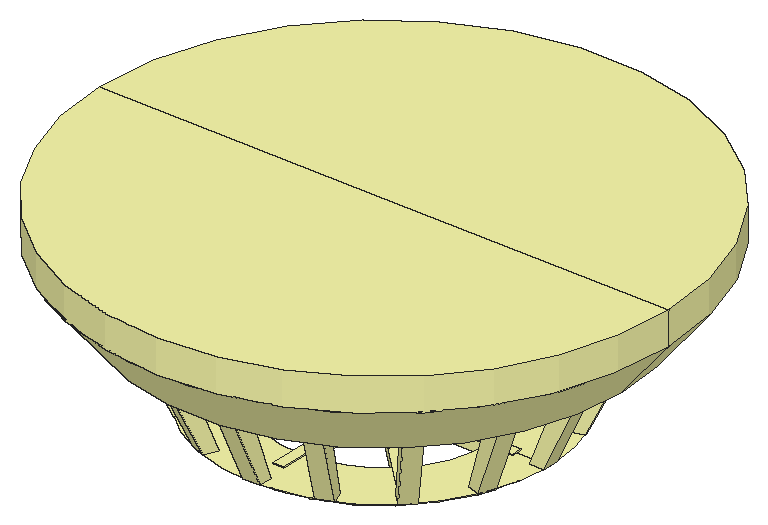
Revit family "FA_Heat_Detector", category Fire Alarm Devices, Revit 2013
Reference planes
  plane 1 "Center (Front/Back)": y = 0
  plane 2: z = 0
  plane 3 "Center (Left/Right)": x = 0
  plane 4 "Bot": z = -35
Forms (mm)
  Revolve 1, solid, material "Face Plate"
    sketch origin (0, 0, 0) x (-1, 0, 0) y (0, 0, -1)
      loop
        line (-52, 0) -> (0, 0) -> (0, 16.323) -> (-43.664, 16.323) -> (-52, 6) -> (-52, 0)
      axis (0, 0) -> (0, 16.323)
    angle from 0 to 360
  Revolve 2, solid, material "Face Plate"
    sketch origin (0, 0, 11) x (1, 0, 0) y (0, 0, 1)
      loop
        arc (19.647, -44.075) -> (25.02, -46.008) -> (30.393, -44.075) r 8.435
        line (30.393, -44.075) -> (19.647, -44.075)
      axis (0, -44.075) -> (0, -45.075)
    angle from 0 to 360
  Extrusion 3, solid, material "Face Plate"
    sketch origin (0, 0, 0) x (1, 0, 0) y (0, 0, 1)
      loop
        line (30.393, -33.075) -> (38.345, -16.323) -> (34.299, -16.323) -> (27.869, -33.075) -> (30.393, -33.075)
    from -1.5 to 1.5
  Extrusion 4, solid, material "Face Plate"
    sketch origin (0, 0, -35) x (-1, 0, 0) y (0, -1, 0)
      loop
        circle (0, 0) r 7
      loop
        circle (0, 0) r 5
    from 0 to 2
  Extrusion 5, solid, material "Face Plate"
    sketch origin (0, 0, -35) x (-1, 0, 0) y (0, -1, 0)
      loop
        line (-6.928, -1) -> (-6.928, 1) -> (-24.218, 1) -> (-24.218, -1) -> (-6.928, -1)
    from 0 to 2
  Extrusion 6, solid, material "Face Plate"
    sketch origin (0, 0, -35) x (-0.707107, 0.707107, 0) y (-0.707107, -0.707107, 0)
      loop
        line (-6.928, -1) -> (-6.928, 1) -> (-24.218, 1) -> (-24.218, -1) -> (-6.928, -1)
    from 0 to 2
  Extrusion 7, solid, material "Face Plate"
    sketch origin (0, 0, -35) x (-0.707107, -0.707107, 0) y (0.707107, -0.707107, 0)
      loop
        line (-6.928, -1) -> (-6.928, 1) -> (-24.218, 1) -> (-24.218, -1) -> (-6.928, -1)
    from 0 to 2
  Extrusion 8, solid, material "Face Plate"
    sketch origin (0, 0, -35) x (0, -1, 0) y (1, 0, 0)
      loop
        line (-6.928, -1) -> (-6.928, 1) -> (-24.218, 1) -> (-24.218, -1) -> (-6.928, -1)
    from 0 to 2
  Extrusion 9, solid, material "Face Plate"
    sketch origin (0, 0, -35) x (0.707107, -0.707107, 0) y (0.707107, 0.707107, 0)
      loop
        line (-6.928, -1) -> (-6.928, 1) -> (-24.218, 1) -> (-24.218, -1) -> (-6.928, -1)
    from 0 to 2
  Extrusion 10, solid, material "Face Plate"
    sketch origin (0, 0, -35) x (1, 0, 0) y (0, 1, 0)
      loop
        line (-6.928, -1) -> (-6.928, 1) -> (-24.218, 1) -> (-24.218, -1) -> (-6.928, -1)
    from 0 to 2
  Extrusion 11, solid, material "Face Plate"
    sketch origin (0, 0, -35) x (0.707107, 0.707107, 0) y (-0.707107, 0.707107, 0)
      loop
        line (-6.928, -1) -> (-6.928, 1) -> (-24.218, 1) -> (-24.218, -1) -> (-6.928, -1)
    from 0 to 2
  Extrusion 12, solid, material "Face Plate"
    sketch origin (0, 0, -35) x (0, 1, 0) y (-1, 0, 0)
      loop
        line (-6.928, -1) -> (-6.928, 1) -> (-24.218, 1) -> (-24.218, -1) -> (-6.928, -1)
    from 0 to 2
  Extrusion 13, solid, material "Face Plate"
    sketch origin (0, 0, 0) x (0.92388, -0.382683, 0) y (0, 0, 1)
      loop
        line (30.393, -33.075) -> (38.345, -16.323) -> (34.299, -16.323) -> (27.869, -33.075) -> (30.393, -33.075)
    from -1.5 to 1.5
  Extrusion 14, solid, material "Face Plate"
    sketch origin (0, 0, 0) x (0.92388, 0.382683, 0) y (0, 0, 1)
      loop
        line (30.393, -33.075) -> (38.345, -16.323) -> (34.299, -16.323) -> (27.869, -33.075) -> (30.393, -33.075)
    from -1.5 to 1.5
  Extrusion 15, solid, material "Face Plate"
    sketch origin (0, 0, 0) x (0.707107, 0.707107, 0) y (0, 0, 1)
      loop
        line (30.393, -33.075) -> (38.345, -16.323) -> (34.299, -16.323) -> (27.869, -33.075) -> (30.393, -33.075)
    from -1.5 to 1.5
  Extrusion 16, solid, material "Face Plate"
    sketch origin (0, 0, 0) x (0.382683, 0.92388, 0) y (0, 0, 1)
      loop
        line (30.393, -33.075) -> (38.345, -16.323) -> (34.299, -16.323) -> (27.869, -33.075) -> (30.393, -33.075)
    from -1.5 to 1.5
  Extrusion 17, solid, material "Face Plate"
    sketch origin (0, 0, 0) x (0, 1, 0) y (0, 0, 1)
      loop
        line (30.393, -33.075) -> (38.345, -16.323) -> (34.299, -16.323) -> (27.869, -33.075) -> (30.393, -33.075)
    from -1.5 to 1.5
  Extrusion 18, solid, material "Face Plate"
    sketch origin (0, 0, 0) x (-0.382683, 0.92388, 0) y (0, 0, 1)
      loop
        line (30.393, -33.075) -> (38.345, -16.323) -> (34.299, -16.323) -> (27.869, -33.075) -> (30.393, -33.075)
    from -1.5 to 1.5
  Extrusion 19, solid, material "Face Plate"
    sketch origin (0, 0, 0) x (-0.707107, 0.707107, 0) y (0, 0, 1)
      loop
        line (30.393, -33.075) -> (38.345, -16.323) -> (34.299, -16.323) -> (27.869, -33.075) -> (30.393, -33.075)
    from -1.5 to 1.5
  Extrusion 20, solid, material "Face Plate"
    sketch origin (0, 0, 0) x (-0.92388, 0.382683, 0) y (0, 0, 1)
      loop
        line (30.393, -33.075) -> (38.345, -16.323) -> (34.299, -16.323) -> (27.869, -33.075) -> (30.393, -33.075)
    from -1.5 to 1.5
  Extrusion 21, solid, material "Face Plate"
    sketch origin (0, 0, 0) x (-1, 0, 0) y (0, 0, 1)
      loop
        line (30.393, -33.075) -> (38.345, -16.323) -> (34.299, -16.323) -> (27.869, -33.075) -> (30.393, -33.075)
    from -1.5 to 1.5
  Extrusion 22, solid, material "Face Plate"
    sketch origin (0, 0, 0) x (-0.92388, -0.382683, 0) y (0, 0, 1)
      loop
        line (30.393, -33.075) -> (38.345, -16.323) -> (34.299, -16.323) -> (27.869, -33.075) -> (30.393, -33.075)
    from -1.5 to 1.5
  Extrusion 23, solid, material "Face Plate"
    sketch origin (0, 0, 0) x (-0.707107, -0.707107, 0) y (0, 0, 1)
      loop
        line (30.393, -33.075) -> (38.345, -16.323) -> (34.299, -16.323) -> (27.869, -33.075) -> (30.393, -33.075)
    from -1.5 to 1.5
  Extrusion 24, solid, material "Face Plate"
    sketch origin (0, 0, 0) x (-0.382683, -0.92388, 0) y (0, 0, 1)
      loop
        line (30.393, -33.075) -> (38.345, -16.323) -> (34.299, -16.323) -> (27.869, -33.075) -> (30.393, -33.075)
    from -1.5 to 1.5
  Extrusion 25, solid, material "Face Plate"
    sketch origin (0, 0, 0) x (0, -1, 0) y (0, 0, 1)
      loop
        line (30.393, -33.075) -> (38.345, -16.323) -> (34.299, -16.323) -> (27.869, -33.075) -> (30.393, -33.075)
    from -1.5 to 1.5
  Extrusion 26, solid, material "Face Plate"
    sketch origin (0, 0, 0) x (0.382683, -0.92388, 0) y (0, 0, 1)
      loop
        line (30.393, -33.075) -> (38.345, -16.323) -> (34.299, -16.323) -> (27.869, -33.075) -> (30.393, -33.075)
    from -1.5 to 1.5
  Extrusion 27, solid, material "Face Plate"
    sketch origin (0, 0, 0) x (0.707107, -0.707107, 0) y (0, 0, 1)
      loop
        line (30.393, -33.075) -> (38.345, -16.323) -> (34.299, -16.323) -> (27.869, -33.075) -> (30.393, -33.075)
    from -1.5 to 1.5
  Extrusion 28, solid, material "Red Glass"
    sketch origin (0, 0, -35) x (-1, 0, 0) y (0, -1, 0)
      loop
        circle (0, 0) r 5
    from 0 to 2
Cuts and joins
  joined: Extrusion 4, Extrusion 8, Extrusion 9
  joined: Extrusion 10, Extrusion 11
  joined: Extrusion 6, Extrusion 12
  joined: Extrusion 5, Extrusion 7
Dimensions and locks
  level to plane 4 "Bot" = 35 mm
Nested families
  nested 1: "FA_HD" at (0, 0, 0), type "FA_HD"
Definition of nested family "FA_HD"
  Reference planes
    plane 1: y = 0
    plane 2: x = 0
  Lines and regions (mm)
    detail lines, style "Fire Alarm Symbols"
      curve 1: circle (0, 0, 0) r 1.5 normal (0, 0, 1)
  Text (mm)
    text "H" at (0.012, 1.567, 0)
